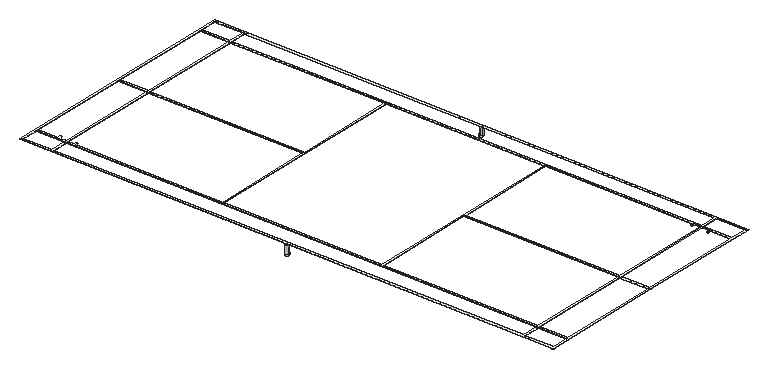
Revit family "Badminton linjering", category Generic Models, Revit 2019
Family settings
  Can host rebar = No
  Round Connector Dimension = Use Diameter
  Part Type = Normal
  Work Plane-Based = No
  Always vertical = Yes
  Cut with Voids When Loaded = Yes
  Shared = No
  Room Calculation Point = No
Parameters
  URL = "www.saxi.se"
  Model = "Linjering Basket"
  Manufacturer = "Saxi Vägg AB"
Reference planes
  plane 1 "Center (Front/Back)": y = 0
  plane 2: z = 0
  plane 3 "Center (Left/Right)": x = 0
Forms (mm)
  Extrusion 1, solid, material "badminton_linjering"
    sketch origin (0, 0, 0) x (1, 0, 0) y (0, 1, 0)
      loop
        line (-6700, 3050) -> (-6700, -3050) -> (6700, -3050) -> (6700, 0) -> (6700, 3050) -> (-6700, 3050)
      loop
        line (-6660, 2550) -> (-6660, 20) -> (-5940, 20) -> (-5940, 2550) -> (-6660, 2550)
      loop
        line (-5940, 3010) -> (-6660, 3010) -> (-6660, 2590) -> (-5940, 2590) -> (-5940, 3010)
      loop
        line (-5900, 3010) -> (-5900, 2590) -> (5900, 2590) -> (5900, 3010) -> (-5900, 3010)
      loop
        line (6660, 3010) -> (5940, 3010) -> (5940, 2590) -> (6660, 2590) -> (6660, 3010)
      loop
        line (-5900, 2550) -> (-5900, 20) -> (-2020, 20) -> (-2020, 2550) -> (-5900, 2550)
      loop
        line (5940, 2550) -> (5940, 20) -> (6660, 20) -> (6660, 2550) -> (6170, 2550) -> (6170, 2470) -> (6130, 2470) -> (6130, 2550) -> (5940, 2550)
      loop
        line (5750, 2550) -> (5750, 2470) -> (5710, 2470) -> (5710, 2550) -> (2020, 2550) -> (2020, 20) -> (5900, 20) -> (5900, 2550) -> (5750, 2550)
      loop
        line (-5940, -20) -> (-6660, -20) -> (-6660, -2550) -> (-6170, -2550) -> (-6170, -2470) -> (-6130, -2470) -> (-6130, -2550) -> (-5940, -2550) -> (-5940, -20)
      loop
        line (-5900, -20) -> (-5900, -2550) -> (-5750, -2550) -> (-5750, -2470) -> (-5710, -2470) -> (-5710, -2550) -> (-2020, -2550) -> (-2020, -20) -> (-5900, -20)
      loop
        line (-5940, -2590) -> (-6660, -2590) -> (-6660, -3010) -> (-5940, -3010) -> (-5940, -2590)
      loop
        line (-5900, -2590) -> (-5900, -3010) -> (5900, -3010) -> (5900, -2590) -> (-5900, -2590)
      loop
        line (-1980, -2550) -> (1980, -2550) -> (1980, 2550) -> (-1980, 2550) -> (-1980, -2550)
      loop
        line (2020, -2550) -> (5900, -2550) -> (5900, -20) -> (2020, -20) -> (2020, -2550)
      loop
        line (5940, -20) -> (5940, -2550) -> (6660, -2550) -> (6660, -20) -> (5940, -20)
      loop
        line (5940, -2590) -> (5940, -3010) -> (6660, -3010) -> (6660, -2590) -> (5940, -2590)
    from 0 to 2
Dimensions and locks
  aligned and locked: level to plane 2
Nested families
  nested 1: "golvhylsa 66" at (0, 3050, -30), type "golvhylsa 66"
  nested 2: "golvhylsa 66" at (0, -3050, -30), type "golvhylsa 66"
  nested 3: "hole_110" at (0, -3050, 0), type "hole_110"
  nested 4: "hole_110" at (0, 3050, 0), type "hole_110"
Definition of nested family "golvhylsa 66"
  Parameters (values of type "golvhylsa 66")
    Model = "Golvhylsa 66mm"
    Manufacturer = "Saxi Vägg"
  Reference planes
    plane 1 "Center (Front/Back)": y = 0
    plane 2: z = 0
    plane 3 "Center (Left/Right)": x = 0
  Forms (mm)
    Extrusion 1, solid
      sketch origin (0, 0, 0) x (1, 0, 0) y (0, 1, 0)
        loop
          circle (0, 0) r 33
        loop
          circle (0, 0) r 38
      from -195 to 0
    Extrusion 2, solid
      sketch origin (0, 0, -195) x (0, 1, 0) y (1, 0, 0)
        loop
          circle (0, 0) r 52.5
      from 0 to 10
  Dimensions and locks
    aligned and locked: level to plane 2
